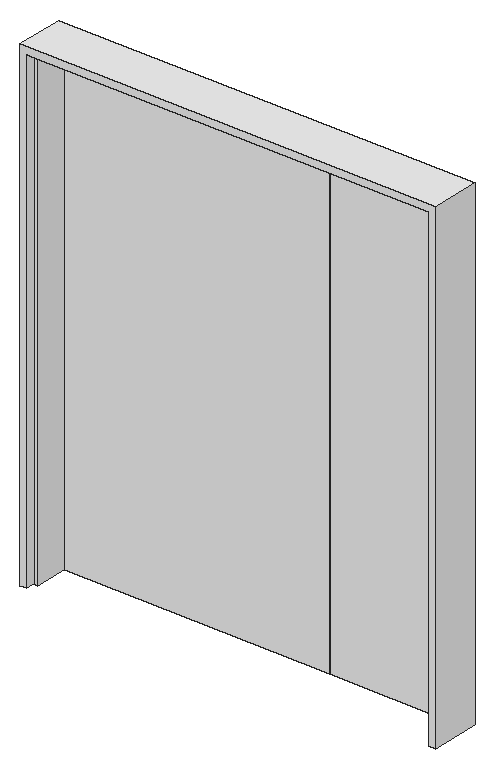
Revit family
Parameters
  작은문 = 600 mm
  Height = 2100 mm
  Wall Closure = (empty or 0)
  Width = 1800 mm
  문-패널 = FSD2 문 패널
  문-프레임 = FSD2 문 프레임
Reference planes
  plane 1: y = 0
  plane 2 "중심(왼쪽/오른쪽)": x = 0
  plane 3 "왼쪽": x = -900
  plane 4 "오른쪽": x = 900
  plane 5: z = 2100
  plane 6 "외부": y = 75
  plane 7 "내부": y = -75
  plane 8: x = 300
  plane 9: x = -870
  plane 10: x = 870
  plane 11: x = -850
  plane 12: x = 850
  plane 13: y = 70
  plane 14: y = -70
  plane 15: y = 105
  plane 16: y = -105
  plane 17: z = 2070
  plane 18: z = 2050
  plane 19: z = 900
  plane 20: z = 1995
  plane 21: z = 1920
  plane 22: x = -770
  plane 23: x = -570
  plane 24: z = 870
  plane 25: z = 930
  plane 26: x = 250
  plane 27: x = 220
  plane 28: x = 770
  plane 29: x = 570
  plane 30: x = 350
  plane 31: x = 380
Forms (mm)
  Sweep 1, solid, material "FSD2 문 프레임" <- "문-프레임"
    path origin (2625, -105, 1200) x (1, 0, 0) y (0, 0, 1)
      loop
        line (-3525, -1200) -> (-3525, 900) -> (-1725, 900) -> (-1725, -1200)
    profile origin (-900, -105, 1050) x (-1, 0, 0) y (0, -1, 0)
      loop
        line (0, -210) -> (0, 0) -> (-30, 0) -> (-30, -35) -> (-50, -35) -> (-50, -175) -> (-30, -175) -> (-30, -210) -> (0, -210)
  Extrusion 2, solid, material "FSD2 문 패널" <- "문-패널"
    sketch origin (0, 0, 0) x (1, 0, 0) y (0, 1, 0)
      loop
        line (300, 105) -> (300, 70) -> (870, 70) -> (870, 105) -> (300, 105)
    from 0 to 2070
  Extrusion 3, solid, material "FSD2 문 패널" <- "문-패널"
    sketch origin (0, 0, 0) x (1, 0, 0) y (0, 1, 0)
      loop
        line (-870, 105) -> (-870, 70) -> (300, 70) -> (300, 105) -> (-870, 105)
    from 0 to 2070
Lines and regions (mm)
  Opening 1
    outline origin (-3050, -75, 0) x (1, 0, 0) y (0, 0, 1)
      loop
        line (2150, 0) -> (3950, 0) -> (3950, 2100) -> (2150, 2100) -> (2150, 0)
  symbolic lines, style "평면 스윙"
    curve 1: line (-870, 105, 0) -> (-870, 1275, 0)
    curve 2: line (-870, 1275, 0) -> (-835, 1275, 0)
    curve 3: line (-835, 1275, 0) -> (-835, 105, 0)
    curve 4: line (-835, 105, 0) -> (-870, 105, 0)
    curve 5: arc (-835, 1275, 0) -> (-30.219, 920.182, 0) -> (300, 105, 0) r 1170
    curve 6: line (870, 105, 0) -> (870, 675, 0)
    curve 7: line (870, 675, 0) -> (835, 675, 0)
    curve 8: line (835, 675, 0) -> (835, 105, 0)
    curve 9: line (835, 105, 0) -> (870, 105, 0)
    curve 10: arc (300, 105, 0) -> (487.362, 465.217, 0) -> (835, 675, 0) r 750
  symbolic lines, style "입면도 스윙"
    curve 11: line (300, 75, 2070) -> (870, 75, 1035)
    curve 12: line (870, 75, 1035) -> (300, 75, 0)
    curve 13: line (300, 75, 2070) -> (-870, 75, 1035)
    curve 14: line (-870, 75, 1035) -> (300, 75, 0)
  symbolic lines
    curve 15: circle (250, 75, 900) r 30 normal (0, -1, 0)
    curve 16: circle (350, 75, 900) r 30 normal (0, -1, 0)
    curve 17: line (305, 75, 900) -> (395, 75, 900)
    curve 18: line (290, 75, 900) -> (200, 75, 900)
    curve 19: line (350, 75, 945) -> (350, 75, 855)
    curve 20: line (250, 75, 945) -> (250, 75, 855)
    curve 21: line (-570, 75, 1995) -> (-770, 75, 1995)
    curve 22: line (-570, 75, 1920) -> (-570, 75, 1995)
    curve 23: line (-770, 75, 1920) -> (-570, 75, 1920)
    curve 24: line (-770, 75, 1995) -> (-770, 75, 1920)
    curve 25: line (770, 75, 1995) -> (570, 75, 1995)
    curve 26: line (770, 75, 1920) -> (770, 75, 1995)
    curve 27: line (570, 75, 1920) -> (770, 75, 1920)
    curve 28: line (570, 75, 1995) -> (570, 75, 1920)
    curve 29: line (806.454, 75, 1955.909) -> (526.454, 75, 1955.909)
    curve 30: line (-532.453, 75, 1959.683) -> (-812.453, 75, 1959.683)
Text (mm)
  text "외부" at (-2295.016, 1099.543, 0), in view "참조 레벨"
  text "외부" at (0, 1615.38, 3698.081), in view "왼쪽"
  text "외부" at (0, 1036.032, 3874.932), in view "오른쪽"
Dimensions and locks
  equal spacing: plane 3 "왼쪽", plane 2 "중심(왼쪽/오른쪽)", plane 4 "오른쪽"
  "Width": plane 3 "왼쪽" to plane 4 "오른쪽"
  "Height": plane 5 to host wall
  host wall to plane 5 = 2100 mm  (x2)
  locked: plane 6 "외부" to host wall at 0
  locked: plane 7 "내부" to host wall
  plane 3 "왼쪽" to plane 9 to plane 11 = 30 mm locked, 20 mm locked
  plane 12 to plane 10 to plane 4 "오른쪽" = 20 mm locked, 30 mm locked
  plane 13 to plane 6 "외부" to plane 15 = 5 mm locked, 30 mm locked
  plane 16 to plane 7 "내부" to plane 14 = 30 mm locked, 5 mm locked
  plane 18 to plane 17 to plane 5 = 20 mm locked, 30 mm locked
  plane 21 to plane 20 to plane 18 = 75 mm locked, 55 mm locked
  plane 9 to plane 22 to plane 23 = 100 mm locked, 200 mm locked
  locked: level to plane 19 at 900
  plane 24 to plane 19 to plane 25 = 30 mm locked, 30 mm locked
  "작은문": plane 8 to plane 4 "오른쪽"
  locked: plane 28 to plane 29 at 200
  locked: plane 10 to plane 28 at 100
  plane 31 to plane 30 to plane 8 to plane 26 to plane 27 = 30 mm locked, 50 mm locked, 50 mm locked, 30 mm locked
  aligned and locked: plane 3 "왼쪽" to Opening 1 sketch curve
  aligned and locked: plane 5 to Opening 1 sketch curve  (x2)
  aligned and locked: Opening 1 sketch curve to plane 4 "오른쪽"
  aligned and locked: Opening 1 sketch curve to level
  aligned and locked: plane 1 to host wall
  aligned and locked: Sweep 1 sketch curve to plane 3 "왼쪽"  (x2)
  aligned and locked: Sweep 1 sketch curve to plane 5
  aligned and locked: plane 4 "오른쪽" to Sweep 1 sketch curve
  aligned and locked: plane 15 to Sweep 1 sketch curve
  aligned and locked: plane 11 to Sweep 1 sketch curve
  aligned and locked: plane 13 to Sweep 1 sketch curve
  aligned and locked: Sweep 1 sketch curve to plane 14
  aligned and locked: Sweep 1 sketch curve to plane 16
  aligned and locked: plane 9 to Sweep 1 sketch curve
  aligned and locked: plane 8 to Extrusion 2 sketch curve
  aligned and locked: plane 15 to Extrusion 2 sketch curve
  aligned and locked: Extrusion 2 sketch curve to Sweep 1  (x2)
  aligned and locked: Sweep 1 to Extrusion 3 sketch curve
  aligned and locked: plane 15 to Extrusion 3 sketch curve
  aligned and locked: Extrusion 3 sketch curve to Extrusion 2  (x2)
  aligned and locked: Extrusion 3 to plane 17
  aligned and locked: Extrusion 2 to plane 17
  aligned and locked: curve 5 to Extrusion 3
  aligned and locked: curve 17 to plane 19
  aligned and locked: plane 19 to curve 18
  aligned and locked: curve 19 to plane 30
  aligned and locked: curve 20 to curve 19
  aligned and locked: plane 26 to curve 20
  aligned and locked: plane 23 to curve 21
  aligned and locked: curve 21 to plane 20
  aligned and locked: plane 21 to curve 24
  aligned and locked: plane 22 to curve 24
  aligned and locked: plane 28 to curve 25
  aligned and locked: curve 25 to plane 20
  aligned and locked: plane 21 to curve 28
  aligned and locked: curve 28 to plane 29
Automatic sketch dimensions
  Sweep 1 sketch curve to level = 0 mm  (x2)
  Sweep 1 sketch curve to Sweep 1 sketch curve = 20 mm
  curve 1 to plane 9 = 0 mm
  curve 4 to plane 15 = 0 mm
  curve 10 to plane 8 = 0 mm
  curve 9 to plane 15 = 0 mm
  curve 9 to plane 10 = 0 mm
  curve 5 to plane 9 = 0 mm
  curve 4 to plane 11 = 15 mm
  plane 12 to curve 10 = 15 mm
  curve 10 to plane 14 = 21.942 mm
  curve 10 to plane 4 "오른쪽" = 134.216 mm
  curve 5 to plane 15 = 0.524 mm
  curve 14 to plane 9 = 0 mm
  curve 15 to plane 19 = 0 mm
  curve 15 to plane 26 = 0 mm
  curve 14 to level = 0 mm
  curve 14 to plane 8 = 0 mm
  curve 13 to plane 8 = 0 mm
  curve 16 to plane 19 = 0 mm
  curve 16 to plane 30 = 0 mm
  curve 11 to plane 10 = 0 mm
  curve 11 to plane 17 = 0 mm
  plane 22 to curve 30 = 42.453 mm
  curve 30 to plane 23 = 37.547 mm
  plane 27 to curve 18 = 20 mm
  plane 8 to curve 18 = 10 mm
  curve 17 to plane 8 = 5 mm
  plane 31 to curve 17 = 15 mm
  curve 29 to plane 29 = 43.546 mm
  plane 28 to curve 29 = 36.454 mm
  curve 19 to plane 24 = 15 mm
  curve 20 to plane 24 = 15 mm
  plane 25 to curve 19 = 15 mm
  plane 25 to curve 12 = 105 mm
  plane 25 to curve 13 = 105 mm
  curve 29 to plane 21 = 35.909 mm
  plane 20 to curve 30 = 35.317 mm
  radius of curve 15 = 30 mm
  radius of curve 16 = 30 mm
